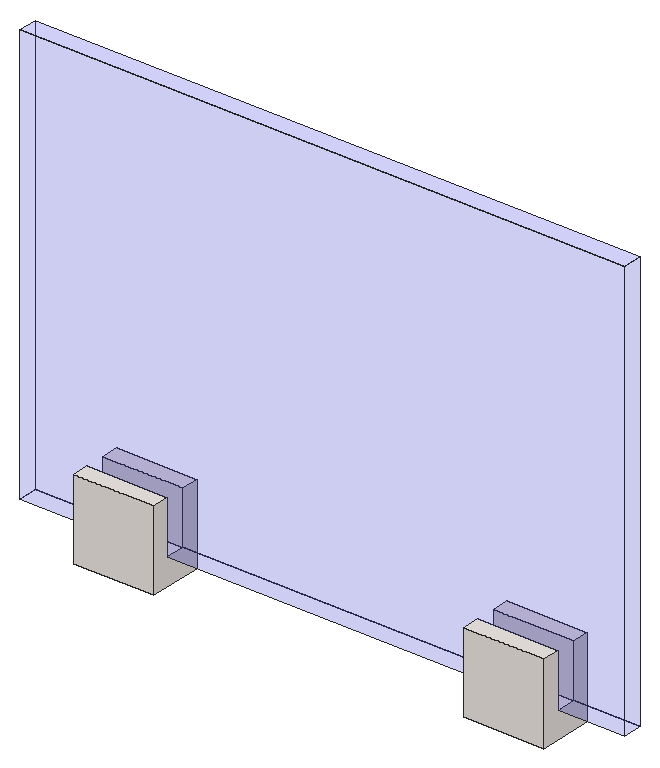
Revit family "M_Sistema de mobiliário-partição-painel de privacidade", category Sistema de mobiliário, Revit 2019
Family settings
  Cota do conector redondo = Utilizar diâmetro
  Tipo de parte = Normal
  Número OmniClass = 23.40.70.14.64.21
  Título OmniClass = Systems Furniture
  Com base no plano de trabalho = Sim
  Sempre na vertical = Sim
  Corte com vazios quando carregada = Não
  Compartilhado = Não
  Ponto de cálculo do ambiente = Não
Parameters (values of type "600 x 400mm")
  Comentários de tipos = "Painel de privacidade de 600 x 400 mm"
  Material do painel [instance] = Vidro – Fosco – Privacidade
  Model = ""
  Manufacturer = ""
  Comprimento = 600 mm
  Altura = 400 mm
  Material de suporte [instance] = Metal – Linho pintado
  Description = ""
  Default Elevation = 1219.2 mm
Types (5, lengths in mm): name | Comentários de tipos | Comprimento
  1200 x 400mm | "Painel de privacidade de 1200 x 400 mm" | 1200
  1050 x 400mm | "Painel de privacidade de 1050 x 400 mm" | 1050
  900 x 400mm | "Painel de privacidade de 900 x 400 mm" | 900
  750 x 400mm | "Painel de privacidade de 750 x 400 mm" | 750
  600 x 400mm | "Painel de privacidade de 600 x 400 mm" | 600
Reference planes
  plane 1 "Centro F/T": y = 0
  plane 2: z = 0
  plane 3 "Centro E/D": x = 0
  plane 4 "Direita": x = 600
  plane 5 "Superior": z = 425.4
  plane 6: z = 76.2
  plane 7: x = 523.8
  plane 8: z = 25.4
  plane 9: y = 9.525
  plane 10: y = -9.525
  plane 11: y = 25.4
  plane 12: y = -25.4
  plane 13: x = 76.2
  plane 14: x = 152.4
  plane 15: x = 587.3
  plane 16: x = 12.7
  plane 17: x = 447.6
Forms (mm)
  Extrusion 1, solid, material "Metal – Linho pintado" <- "Material de suporte"
    sketch origin (0, 0, 0) x (0, 1, 0) y (0, 0, 1)
      loop
        line (25.4, 76.2) -> (9.525, 76.2) -> (9.525, 25.4) -> (-9.525, 25.4) -> (-9.525, 76.2) -> (-25.4, 76.2) -> (-25.4, 0) -> (25.4, 0) -> (25.4, 76.2)
    from 76.2 to 152.4
  Extrusion 2, solid, material "Vidro – Fosco – Privacidade" <- "Material do painel"
    sketch origin (0, 0, 0) x (0, 1, 0) y (0, 0, 1)
      loop
        line (9.525, 25.4) -> (9.525, 425.4) -> (-9.525, 425.4) -> (-9.525, 25.4) -> (9.525, 25.4)
    from 12.7 to 587.3
  Extrusion 3, solid, material "Metal – Linho pintado" <- "Material de suporte"
    sketch origin (0, -203.2, 0) x (0, 1, 0) y (0, 0, 1)
      loop
        line (228.6, 76.2) -> (212.725, 76.2) -> (212.725, 25.4) -> (193.675, 25.4) -> (193.675, 76.2) -> (177.8, 76.2) -> (177.8, 0) -> (228.6, 0) -> (228.6, 76.2)
    from 447.6 to 523.8
Lines and regions (mm)
  Masking region 1
    outline origin (0, 0, 0) x (1, 0, 0) y (0, 1, 0)
      loop
        line (12.7, 9.525) -> (12.7, -9.525) -> (76.2, -9.525) -> (76.2, -25.4) -> (152.4, -25.4) -> (152.4, -9.525) -> (447.6, -9.525) -> (447.6, -25.4) -> (523.8, -25.4) -> (523.8, -9.525) -> (587.3, -9.525) -> (587.3, 9.525) -> (523.8, 9.525) -> (523.8, 25.4) -> (447.6, 25.4) -> (447.6, 9.525) -> (152.4, 9.525) -> (152.4, 25.4) -> (76.2, 25.4) -> (76.2, 9.525) -> (12.7, 9.525)
  symbolic lines, style "Partições"
    curve 1: line (76.2, 9.525, 0) -> (152.4, 9.525, 0)
    curve 2: line (76.2, -9.525, 0) -> (152.4, -9.525, 0)
    curve 3: line (447.6, 9.525, 0) -> (523.8, 9.525, 0)
    curve 4: line (447.6, -9.525, 0) -> (523.8, -9.525, 0)
Dimensions and locks
  "Comprimento": plane 3 "Centro E/D" to plane 4 "Direita"
  locked: plane 7 to plane 4 "Direita" at 76.2
  locked: plane 8 to level at 25.4
  "Altura": plane 5 "Superior" to plane 8
  plane 6 to plane 2 = 76.2 mm
  locked: plane 9 to plane 10 at 19.05
  equal spacing: plane 9, plane 1 "Centro F/T", plane 10
  locked: plane 11 to plane 12 at 50.8
  equal spacing: plane 11, plane 1 "Centro F/T", plane 12
  locked: plane 3 "Centro E/D" to plane 16 at 12.7
  locked: plane 3 "Centro E/D" to plane 13 at 76.2
  locked: plane 13 to plane 14 at 76.2
  locked: plane 15 to plane 4 "Direita" at 12.7
  locked: plane 17 to plane 7 at 76.2
  aligned and locked: level to plane 2
  aligned and locked: plane 6 to Extrusion 1 sketch curve  (x2)
  aligned and locked: Extrusion 1 sketch curve to plane 10
  aligned and locked: plane 9 to Extrusion 1 sketch curve
  aligned and locked: plane 8 to Extrusion 1 sketch curve
  aligned and locked: Extrusion 1 sketch curve to level
  aligned and locked: Extrusion 1 sketch curve to plane 11
  aligned and locked: plane 12 to Extrusion 1 sketch curve
  aligned and locked: Extrusion 1 to plane 13
  aligned and locked: plane 14 to Extrusion 1
  aligned and locked: Extrusion 2 sketch curve to plane 5 "Superior"
  aligned and locked: Extrusion 2 sketch curve to plane 9
  aligned and locked: plane 10 to Extrusion 2 sketch curve
  aligned and locked: Extrusion 2 sketch curve to plane 8
  aligned and locked: plane 16 to Extrusion 2
  aligned and locked: Extrusion 2 to plane 15
  aligned and locked: Extrusion 3 to plane 7
  aligned and locked: plane 17 to Extrusion 3
  aligned and locked: Extrusion 3 sketch curve to plane 11
  aligned and locked: plane 9 to Extrusion 3 sketch curve
  aligned and locked: Extrusion 3 sketch curve to plane 10
  aligned and locked: plane 12 to Extrusion 3 sketch curve
  aligned and locked: plane 9 to Masking region 1 sketch curve
  aligned and locked: Masking region 1 sketch curve to plane 10
  aligned and locked: Masking region 1 sketch curve to plane 16
  aligned and locked: plane 15 to Masking region 1 sketch curve
  aligned and locked: Masking region 1 sketch curve to plane 17
  aligned and locked: Masking region 1 sketch curve to plane 12  (x2)
  aligned and locked: plane 7 to Masking region 1 sketch curve
  aligned and locked: plane 11 to Masking region 1 sketch curve
  aligned and locked: Masking region 1 sketch curve to plane 14  (x2)
  aligned and locked: plane 13 to Masking region 1 sketch curve  (x2)
Automatic sketch dimensions
  Extrusion 3 sketch curve to level = 0 mm
  Extrusion 3 sketch curve to plane 6 = 0 mm  (x2)
  Extrusion 3 sketch curve to plane 8 = 0 mm
  plane 10 to Masking region 1 sketch curve = 0 mm  (x2)
  Masking region 1 sketch curve to plane 17 = 0 mm
  Masking region 1 sketch curve to plane 7 = 0 mm
  plane 9 to Masking region 1 sketch curve = 0 mm  (x2)
  plane 11 to Masking region 1 sketch curve = 0 mm
  plane 10 to curve 2 = 0 mm
  curve 2 to plane 13 = 0 mm
  plane 9 to curve 1 = 0 mm
  curve 1 to plane 13 = 0 mm
  curve 2 to plane 14 = 0 mm
  curve 1 to plane 14 = 0 mm
  plane 10 to curve 4 = 0 mm
  curve 4 to plane 17 = 0 mm
  plane 9 to curve 3 = 0 mm
  curve 3 to plane 17 = 0 mm
  curve 4 to plane 7 = 0 mm
  curve 3 to plane 7 = 0 mm
